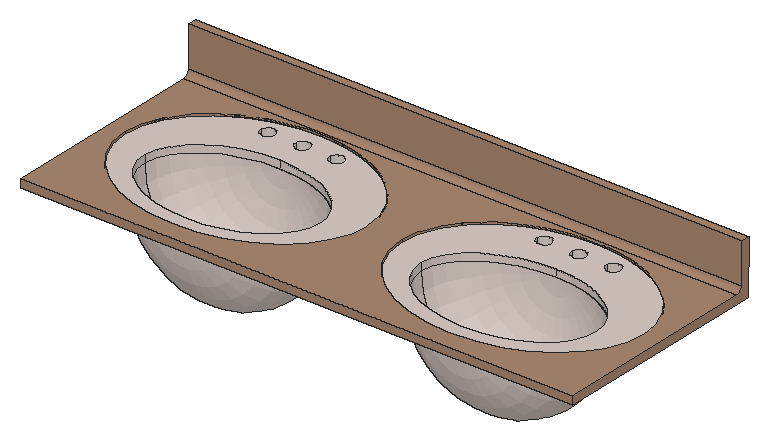
Revit family
Parameters (values of type "19In_Centered")
  Upper Void R2 [instance] = if(Depth = 1' 10", (1' 0 1/4" / 2), (1' 4" / 2))  # 0' - 8"
  Upper Void R1 [instance] = if(Depth = 1' 10", (1' 5 1/4" / 2), (1' 7" / 2))  # 0' - 9 1/2"
  Subcategory = "Countertop"
  SmartBIM Object Version = 3  # constant formula
  SmartBIM Object Created By = "Reed Construction Data"  # constant formula
  Sink Location Offset [instance] = if([built-in parameter 1001306] < 4' 0", 0' 0", if([built-in parameter 1001306] < 5' 0", 1' 0", if([built-in parameter 1001306] < 6' 0", 1' 3", 1' 6")))  # 1' - 0"
  Sink Length Placement [instance] = [built-in parameter 1001306] - Sink Location Offset  # 3' - 0"
  R 4 = 0' - 10 1/2"
  R 3 = 0' - 8"
  Manufacturer = ""
  Lower Void R2 [instance] = if(Depth = 1' 10", (1' 0 1/4" / 2), (0' 10 1/4" / 2))  # 0' - 5 1/8"
  Lower Void R1 [instance] = if(Depth = 1' 10", (1' 5 1/4" / 2), (1' 3 1/4" / 2))  # 0' - 7 5/8"
  built-in parameter 1001306 [instance] = 4' - 0"
  Height [instance] = 3' - 0"
  Depth = 1' - 7"
  Countertop Thickness = 0' - 0 3/4"
  Countertop Material [instance] = Wood
  Centered = yes
  Bowl Type = Bowl_Reed : 19" Depth
  Bowl Material [instance] = Ceramic
  Assembly Code = "E2010200"
  95 CSI = "06415"
  04 CSI = "12 36 00"
Types (2): name | Upper Void R2 | Upper Void R1 | R 4 | R 3 | Lower Void R2 | Lower Void R1 | Depth | Bowl Type
  19In_Centered | 0' - 8" | 0' - 9 1/2" | 0' - 10 1/2" | 0' - 8" | 0' - 5 1/8" | 0' - 7 5/8" | 1' - 7" | Bowl_Reed : 19" Depth
  22In_Centered | 0' - 6 1/8" | 0' - 8 5/8" | 0' - 11 1/2" | 0' - 9" | 0' - 6 1/8" | 0' - 8 5/8" | 1' - 10" | Bowl_Reed : 22" Depth
Reference planes (in)
  plane 1 "Center (Front/Back)": y = 0
  plane 2: z = 0
  plane 3 "Left": x = 24.27315
  plane 4 "Right": x = 72.27315
  plane 5: y = -19
  plane 6: y = -9.5
  plane 7: x = 48.27315
  plane 8 "Top of Countertop": z = 36
  plane 9 "Bottom of Countertop": z = 35.25
  plane 10 "Sink Length Placement": x = 60.27315
  plane 11 "Void Depth Centerline": y = -12
  plane 12 "Top of Sink Extrusion": z = 35.875
  plane 13: x = 36.27315
Forms (in)
  Extrusion 1, solid, material "Wood" <- "Countertop Material"
    sketch origin (0, 0, 36) x (-1, 0, 0) y (0, -1, 0)
      loop
        line (-24.27315, 0) -> (-24.27315, 19) -> (-72.27315, 19) -> (-72.27315, 0) -> (-24.27315, 0)
    from 0 to -0.75
  Extrusion 2, solid, material "Wood" <- "Countertop Material"
    sketch origin (0, 0, 36) x (-1, 0, 0) y (0, -1, 0)
      loop
        line (-24.27315, 0) -> (-24.27315, 0.75) -> (-72.27315, 0.75) -> (-72.27315, 0) -> (-24.27315, 0)
    from 0 to 4
  Extrusion 3, solid, material "Wood" <- "Countertop Material"
    sketch origin (24.27315, 0, 0) x (0, 1, 0) y (0, 0, 1)
      loop
        arc (-0.75, 36.5) -> (-0.89645, 36.14645) -> (-1.25, 36) r 0.5
        line (-1.25, 36) -> (-0.75, 36) -> (-0.75, 36.5)
    from 0 to 48
  Extrusion 4, void
    sketch origin (49.77315, -176.5, 36) x (-1, 0, 0) y (0, -1, 0)
      loop
        spline (0, -167) -> (-0.35778, -164.92945) -> (-1.40673, -163) -> (-3.07538, -161.34315) -> (-5.25, -160.0718) -> (-7.7824, -159.27259) -> (-10.5, -159) -> (-13.2176, -159.27259) -> (-15.75, -160.0718) -> (-17.92462, -161.34315) -> (-19.59327, -163) -> (-20.64222, -164.92945) -> (-21, -167)
        spline (-21, -167) -> (-20.64222, -169.07055) -> (-19.59327, -171) -> (-17.92462, -172.65685) -> (-15.75, -173.9282) -> (-13.2176, -174.72741) -> (-10.5, -175) -> (-7.7824, -174.72741) -> (-5.25, -173.9282) -> (-3.07538, -172.65685) -> (-1.40673, -171) -> (-0.35778, -169.07055) -> (0, -167)
    from 0 to -9
  Extrusion 5, void
    sketch origin (19.77315, -176.5, 36) x (-1, 0, 0) y (0, -1, 0)
      loop
        spline (-6, -167) -> (-6.35778, -164.92945) -> (-7.40673, -163) -> (-9.07538, -161.34315) -> (-11.25, -160.0718) -> (-13.7824, -159.27259) -> (-16.5, -159) -> (-19.2176, -159.27259) -> (-21.75, -160.0718) -> (-23.92462, -161.34315) -> (-25.59327, -163) -> (-26.64222, -164.92945) -> (-27, -167)
        spline (-27, -167) -> (-26.64222, -169.07055) -> (-25.59327, -171) -> (-23.92462, -172.65685) -> (-21.75, -173.9282) -> (-19.2176, -174.72741) -> (-16.5, -175) -> (-13.7824, -174.72741) -> (-11.25, -173.9282) -> (-9.07538, -172.65685) -> (-7.40673, -171) -> (-6.35778, -169.07055) -> (-6, -167)
    from 0 to -9
Cuts and joins
  Extrusion 4, Extrusion 5 cuts Extrusion 1
  Extrusion 4, Extrusion 5 cuts Extrusion 2
  Extrusion 4, Extrusion 5 cuts Extrusion 3
  joined: Extrusion 1, Extrusion 2, Extrusion 3
Lines and regions (in)
  reference lines
    curve 1: line (24.27315, 0, 0) -> (72.27315, 0, 0)
Dimensions and locks (in)
  "built-in parameter 1001306": plane 3 "Left" to plane 4 "Right"
  "Depth": plane 5 to plane 1 "Center (Front/Back)"
  equal spacing: plane 5, plane 6, plane 1 "Center (Front/Back)"
  equal spacing: plane 3 "Left", plane 7, plane 4 "Right"
  "Height": plane 8 "Top of Countertop" to plane 2
  "Countertop Thickness": plane 8 "Top of Countertop" to plane 9 "Bottom of Countertop"
  "Sink Length Placement": plane 3 "Left" to plane 10 "Sink Length Placement"
  locked: plane 6 to plane 11 "Void Depth Centerline" at 2.5
  locked: plane 12 "Top of Sink Extrusion" to plane 9 "Bottom of Countertop" at 0.625
  "R 3": Extrusion 4 sketch curve to plane 6
  "R 3": plane 6 to Extrusion 4 sketch curve
  "R 4": Extrusion 4 sketch curve to plane 10 "Sink Length Placement"
  "R 4": plane 10 "Sink Length Placement" to Extrusion 4 sketch curve
  "Sink Length Placement": plane 13 to plane 4 "Right"
  "R 4": plane 13 to Extrusion 5 sketch curve
  "R 4": Extrusion 5 sketch curve to plane 13
  "R 3": plane 6 to Extrusion 5 sketch curve
  "R 3": Extrusion 5 sketch curve to plane 6
  plane 3 "Left" to plane 13 = 1' - 0"
  aligned and locked: plane 4 "Right" to curve 1
  aligned and locked: plane 1 "Center (Front/Back)" to curve 1
  aligned and locked: plane 3 "Left" to curve 1
  aligned and locked: Extrusion 1 sketch curve to plane 3 "Left"
  aligned and locked: Extrusion 1 sketch curve to plane 1 "Center (Front/Back)"
  aligned and locked: Extrusion 1 sketch curve to plane 4 "Right"
  aligned and locked: Extrusion 1 sketch curve to plane 5
  aligned and locked: Extrusion 1 to plane 8 "Top of Countertop"
  aligned and locked: plane 4 "Right" to Extrusion 2 sketch curve
  aligned and locked: plane 1 "Center (Front/Back)" to Extrusion 2 sketch curve
  aligned and locked: plane 3 "Left" to Extrusion 2 sketch curve
  aligned and locked: Extrusion 3 to plane 3 "Left"
  aligned and locked: plane 4 "Right" to Extrusion 3
  aligned and locked: nested 1 to plane 12 "Top of Sink Extrusion"
  aligned and locked: nested 1 to plane 6
  aligned and locked: plane 10 "Sink Length Placement" to nested 1
  aligned and locked: plane 13 to nested 2
  aligned and locked: cut or joined group of Extrusion 1, Extrusion 2, Extrusion 3, Extrusion 4, Extrusion 5 to nested 2
  aligned and locked: nested 2 to plane 6
Automatic sketch dimensions
  plane 1 "Center (Front/Back)" to Extrusion 2 sketch curve = 0' - 0 3/4"
  Extrusion 3 sketch curve to plane 8 "Top of Countertop" = 0' - 0"
  plane 1 "Center (Front/Back)" to Extrusion 3 sketch curve = 0' - 1 1/4"
  Extrusion 3 sketch curve to Extrusion 3 sketch curve = 0' - 0 1/2"
Nested families (in)
  nested 1: "Bowl_Reed" at (59.53544, 3.5, 35.25), type <- "Bowl Type", type "19" Depth"
  nested 2: "Bowl_Reed" at (35.53544, 3.5, 35.25), type <- "Bowl Type", type "19" Depth"
Definition of nested family "Bowl_Reed"
  Parameters (values of type "22" Depth")
    R 4 = 0' - 11 1/2"
    R 3 = 0' - 9"
    Offset = 0' - 0 1/2"
    Depth = 2' - 0"
    Height = 4' - 0"
    Width = 4' - 0"
    Calculated R2 = Bowl R2 + Offset  # 0' - 6 5/8"
    Calculated R1 = Bowl R1 + Offset  # 0' - 9 1/8"
    Bowl R2 = 0' - 6 1/8"
    Bowl R1 = 0' - 8 5/8"
    Bowl Material = Ceramic
    Assembly Code = ""
  Types (2): name | R 4 | R 3 | Calculated R2 | Calculated R1 | Bowl R2 | Bowl R1
    19" Depth | 0' - 10 1/2" | 0' - 8" | 0' - 5 5/8" | 0' - 8 1/8" | 0' - 5 1/8" | 0' - 7 5/8"
    22" Depth | 0' - 11 1/2" | 0' - 9" | 0' - 6 5/8" | 0' - 9 1/8" | 0' - 6 1/8" | 0' - 8 5/8"
  Reference planes (in)
    plane 1 "Back": y = 0
    plane 2: z = 0
    plane 3 "Width Centerline": x = 0.7377
    plane 4 "Left": x = -23.2623
    plane 5 "Right": x = 24.7377
    plane 6 "Front": y = -24
    plane 7 "Top": z = 48
    plane 8 "Depth Centerline": y = -12
    plane 9: z = 12
    plane 10: y = -14.5
    plane 11: z = 0.75
    plane 12: x = -2.2623
    plane 13: x = 3.7377
    plane 14: y = -6.875
    plane 15: y = -13
    plane 16: z = 0.625
  Forms (in)
    Revolve 1, solid, material "Ceramic" <- "Bowl Material"
      sketch origin (0, 0, 0) x (1, 0, 0) y (0, 1, 0)
        loop
          spline (0.7377, -8.375) -> (1.86349, -8.4274) -> (2.97002, -8.5837) -> (4.03835, -8.84124) -> (5.0502, -9.19559) -> (5.98827, -9.64071) -> (6.8365, -10.16897) -> (7.58038, -10.77134) -> (8.20717, -11.4375) -> (8.70617, -12.15606) -> (9.06882, -12.91473) -> (9.28892, -13.70053) -> (9.3627, -14.5)
          spline (9.3627, -14.5) -> (9.28892, -15.29947) -> (9.06882, -16.08527) -> (8.70617, -16.84394) -> (8.20717, -17.5625) -> (7.58038, -18.22866) -> (6.8365, -18.83103) -> (5.98827, -19.35929) -> (5.0502, -19.80441) -> (4.03835, -20.15876) -> (2.97002, -20.4163) -> (1.86349, -20.5726) -> (0.7377, -20.625)
          line (0.7377, -20.625) -> (0.7377, -21.125)
          spline (0.7377, -21.125) -> (3.09943, -20.89926) -> (5.3002, -20.23742) -> (7.19005, -19.18458) -> (8.64019, -17.8125) -> (9.55178, -16.21468) -> (9.8627, -14.5) -> (9.55178, -12.78532) -> (8.64019, -11.1875) -> (7.19005, -9.81542) -> (5.3002, -8.76258) -> (3.09943, -8.10074) -> (0.7377, -7.875)
          line (0.7377, -7.875) -> (0.7377, -8.375)
        axis (0.7377, -7.875) -> (0.7377, -21.125)
      angle from 0 to 180
    Extrusion 2, solid, material "Ceramic" <- "Bowl Material"
      sketch origin (0, 0, 0) x (1, 0, 0) y (0, 1, 0)
        loop
          spline (-7.8873, -14.5) -> (-7.81351, -15.29947) -> (-7.59341, -16.08527) -> (-7.23076, -16.84394) -> (-6.73176, -17.5625) -> (-6.10497, -18.22866) -> (-5.36109, -18.83103) -> (-4.51286, -19.35929) -> (-3.5748, -19.80441) -> (-2.56294, -20.15876) -> (-1.49461, -20.4163) -> (-0.38808, -20.5726) -> (0.7377, -20.625)
          spline (0.7377, -20.625) -> (1.86349, -20.5726) -> (2.97002, -20.4163) -> (4.03835, -20.15876) -> (5.0502, -19.80441) -> (5.98827, -19.35929) -> (6.8365, -18.83103) -> (7.58038, -18.22866) -> (8.20717, -17.5625) -> (8.70617, -16.84394) -> (9.06882, -16.08527) -> (9.28892, -15.29947) -> (9.3627, -14.5)
          spline (9.3627, -14.5) -> (9.28892, -13.70053) -> (9.06882, -12.91473) -> (8.70617, -12.15606) -> (8.20717, -11.4375) -> (7.58038, -10.77134) -> (6.8365, -10.16897) -> (5.98827, -9.64071) -> (5.0502, -9.19559) -> (4.03835, -8.84124) -> (2.97002, -8.5837) -> (1.86349, -8.4274) -> (0.7377, -8.375)
          spline (0.7377, -8.375) -> (-0.38808, -8.4274) -> (-1.49461, -8.5837) -> (-2.56294, -8.84124) -> (-3.5748, -9.19559) -> (-4.51286, -9.64071) -> (-5.36109, -10.16897) -> (-6.10497, -10.77134) -> (-6.73176, -11.4375) -> (-7.23076, -12.15606) -> (-7.59341, -12.91473) -> (-7.81351, -13.70053) -> (-7.8873, -14.5)
        loop
          spline (0.7377, -4) -> (-0.76335, -4.077) -> (-2.23871, -4.30667) -> (-3.66315, -4.68508) -> (-5.0123, -5.20577) -> (-6.26305, -5.85982) -> (-7.39402, -6.63604) -> (-8.38586, -7.52115) -> (-9.22159, -8.5) -> (-9.88691, -9.55585) -> (-10.37044, -10.67063) -> (-10.66391, -11.82526) -> (-10.7623, -13)
          spline (-10.7623, -13) -> (-10.66391, -14.17474) -> (-10.37044, -15.32937) -> (-9.88691, -16.44415) -> (-9.22159, -17.5) -> (-8.38586, -18.47885) -> (-7.39402, -19.36396) -> (-6.26305, -20.14018) -> (-5.0123, -20.79423) -> (-3.66315, -21.31492) -> (-2.23871, -21.69333) -> (-0.76335, -21.923) -> (0.7377, -22)
          spline (0.7377, -22) -> (2.23876, -21.923) -> (3.71412, -21.69333) -> (5.13856, -21.31492) -> (6.4877, -20.79423) -> (7.73846, -20.14018) -> (8.86943, -19.36396) -> (9.86127, -18.47885) -> (10.697, -17.5) -> (11.36232, -16.44415) -> (11.84585, -15.32937) -> (12.13932, -14.17474) -> (12.2377, -13)
          spline (12.2377, -13) -> (12.13932, -11.82526) -> (11.84585, -10.67063) -> (11.36232, -9.55585) -> (10.697, -8.5) -> (9.86127, -7.52115) -> (8.86943, -6.63604) -> (7.73846, -5.85982) -> (6.4877, -5.20577) -> (5.13856, -4.68508) -> (3.71412, -4.30667) -> (2.23876, -4.077) -> (0.7377, -4)
      from 0 to 0.625
    Extrusion 3, void
      sketch origin (0, 0, 0) x (1, 0, 0) y (0, 1, 0)
        loop
          circle (-2.2623, -6.875) r 0.625
        loop
          circle (0.7377, -6.875) r 0.625
        loop
          circle (3.7377, -6.875) r 0.625
      from 0 to 0.625
  Cuts and joins
    Extrusion 3 cuts Extrusion 2
  Dimensions and locks (in)
    "Depth": plane 6 "Front" to plane 1 "Back"
    "Width": plane 4 "Left" to plane 5 "Right"
    equal spacing: plane 4 "Left", plane 3 "Width Centerline", plane 5 "Right"
    "Height": level to plane 7 "Top"
    equal spacing: plane 6 "Front", plane 8 "Depth Centerline", plane 1 "Back"
    plane 9 to plane 2 = 1' - 0"
    locked: plane 8 "Depth Centerline" to plane 10 at 2.5
    "Bowl R1": plane 3 "Width Centerline" to Revolve 1 sketch curve
    "Bowl R2": plane 10 to Revolve 1 sketch curve
    "Calculated R2": Revolve 1 sketch curve to plane 10
    "Calculated R1": plane 3 "Width Centerline" to Revolve 1 sketch curve
    locked: plane 11 to level at 0.75
    locked: plane 12 to plane 3 "Width Centerline" at 3
    "Bowl R2": plane 10 to Extrusion 2 sketch curve
    "Bowl R1": plane 3 "Width Centerline" to Extrusion 2 sketch curve
    "R 4": plane 3 "Width Centerline" to Extrusion 2 sketch curve
    "Bowl R2": Extrusion 2 sketch curve to plane 10
    "Bowl R1": Extrusion 2 sketch curve to plane 3 "Width Centerline"
    locked: plane 3 "Width Centerline" to plane 13 at 3
    locked: plane 11 to plane 16 at 0.125
    "R 3": Extrusion 2 sketch curve to plane 15
    aligned and locked: plane 3 "Width Centerline" to Revolve 1 sketch curve
    aligned and locked: Revolve 1 sketch curve to plane 3 "Width Centerline"  (x2)
    aligned and locked: plane 10 to Revolve 1 sketch curve
    aligned and locked: Extrusion 2 sketch curve to Revolve 1  (x4)
    aligned and locked: plane 3 "Width Centerline" to Extrusion 2 sketch curve  (x2)
    aligned and locked: plane 15 to Extrusion 2 sketch curve  (x2)
    aligned and locked: Extrusion 2 to level
    aligned and locked: plane 16 to Extrusion 2
  Automatic sketch dimensions
    Revolve 1 sketch curve to plane 10 = 0' - 0"
    plane 6 "Front" to Revolve 1 sketch curve = 1' - 2.22951"
    Revolve 1 sketch curve to Revolve 1 sketch curve = 0' - 0 1/2"
    Revolve 1 sketch curve to plane 1 "Back" = 1' - 3.5082"
    Extrusion 3 sketch curve to plane 12 = 0' - 0"
    Extrusion 3 sketch curve to plane 3 "Width Centerline" = 0' - 0"
    Extrusion 3 sketch curve to plane 13 = 0' - 0"
    Extrusion 3 sketch curve to plane 14 = 0' - 0"  (x3)
    Extrusion 2 sketch curve to Extrusion 2 sketch curve = 0' - 0"
    Extrusion 2 sketch curve to Extrusion 2 sketch curve = 0' - 1 3/8"
    radius of Extrusion 3 sketch curve = 0' - 0 5/8"  (x3)
